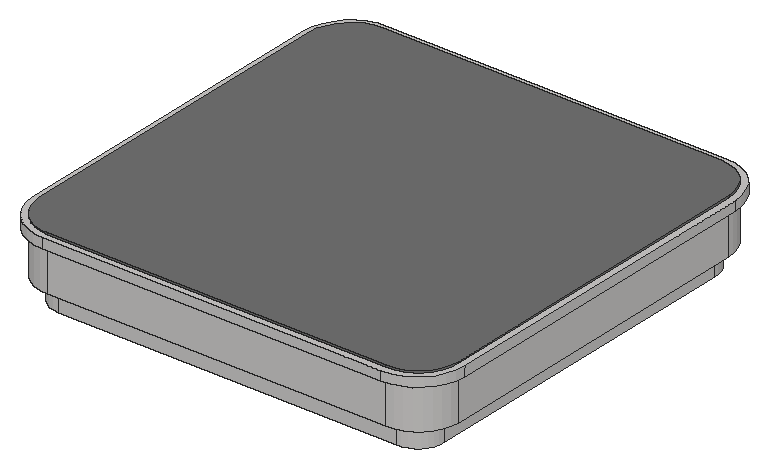
Revit family "QF_Vollrath_59502DW", category Specialty Equipment, Revit 2016
Family settings
  Part Type = Normal
  Round Connector Dimension = Use Diameter
  OmniClass Number = 23.40.40.00
  OmniClass Title = Food Service Equipment and Furnishings
  Work Plane-Based = Yes
  Always vertical = Yes
  Cut with Voids When Loaded = No
  Shared = No
  Room Calculation Point = No
Parameters (values of type "120/60/1")
  Width = 16.0625"
  Weight in Pounds = 0
  Watts = 300 W
  Watermarked By = "http://revitwatermark.com"
  Volts = 120 V
  URL Cutsheet = ""
  Status [instance] = ""
  Specification by User [instance] = ""
  Specification by Manufacturer [instance] = ""
  Serial Number [instance] = ""
  Revision Code [instance] = ""
  Phase = 1
  Number of Poles [instance] = 1
  NAFEM Spec ID Number [instance] = ""
  Model = "59502DW"  # constant formula
  Masterspec [instance] = ""
  Manufacturer = "Vollrath"
  Item Number [instance] = "-"
  Installed By [instance] = ""
  Furnished By [instance] = ""
  Foodservice Equipment Identifier = yes
  FL Amps = 2.6 A
  Electrical Remarks [instance] = ""
  Electric Connection Type [instance] = ""
  Elec Conn RI Height [instance] = 0.00"
  Elec Conn Connection Height = 2.00"
  Description = "Countertop Induction Range"
  Depth = 16.06"
  Default Elevation = 0.00"
  Cycle = 60 Hz
  Conn Plug = "NEMA 5-15P"
  CSI MasterFormat = ""
  Apparent Power = if(Phase = 3, Volts * FL Amps * 1.73, Volts * FL Amps)  # 312 VA
Types (3): name | Cycle
  (no name) | 60 Hz
  120/50/1 | 50 Hz
  120/60/1 | 60 Hz
Reference planes (in)
  plane 1 "BACK": y = 0
  plane 2: z = 0
  plane 3 "LEFT": x = 0
  plane 4 "RIGHT": x = 16.0625
  plane 5 "FRONT": y = -16.06
  plane 6 "Bottom 1": z = -1.62
  plane 7: z = 0
  plane 8 "Bottom of Induction": z = -2.46
  plane 9 "TOP": z = 0.35
  plane 10 "Back 1": y = -0.25
  plane 11 "Left 1": x = 0.25
  plane 12: x = 15.8125
  plane 13: y = -15.81
  plane 14: y = -0.75
  plane 15: x = 0.75
  plane 16: y = -15.31
  plane 17: x = 15.3125
  plane 18 "Top of Induction": z = 0.4125
Forms (in)
  Extrusion 1, solid, material "QF_Finishes_Stainless Steel"
    sketch origin (0, 0, 0.35) x (0, 1, 0) y (-1, 0, 0)
      loop
        arc (0, -1.75) -> (-0.51256, -0.51256) -> (-1.75, 0) r 1.75
        line (-1.75, 0) -> (-14.31, 0)
        arc (-14.31, 0) -> (-15.54744, -0.51256) -> (-16.06, -1.75) r 1.75
        line (-16.06, -1.75) -> (-16.06, -14.3125)
        arc (-16.06, -14.3125) -> (-15.54744, -15.54994) -> (-14.31, -16.0625) r 1.75
        line (-14.31, -16.0625) -> (-1.75, -16.0625)
        arc (-1.75, -16.0625) -> (-0.51256, -15.54994) -> (0, -14.3125) r 1.75
        line (0, -14.3125) -> (0, -1.75)
    from 0 to -0.35
  Extrusion 2, solid, material "QF_Finishes_Stainless Steel"
    sketch origin (0, 0, -1.62) x (0, 1, 0) y (-1, 0, 0)
      loop
        arc (-0.25, -1.75) -> (-0.68934, -0.68934) -> (-1.75, -0.25) r 1.5
        line (-1.75, -0.25) -> (-14.31, -0.25)
        arc (-14.31, -0.25) -> (-15.37066, -0.68934) -> (-15.81, -1.75) r 1.5
        line (-15.81, -1.75) -> (-15.81, -14.3125)
        arc (-15.81, -14.3125) -> (-15.37066, -15.37316) -> (-14.31, -15.8125) r 1.5
        line (-14.31, -15.8125) -> (-1.75, -15.8125)
        arc (-1.75, -15.8125) -> (-0.68934, -15.37316) -> (-0.25, -14.3125) r 1.5
        line (-0.25, -14.3125) -> (-0.25, -1.75)
    from 0 to 1.62
  Extrusion 3, solid, material "QF_Finishes_Stainless Steel"
    sketch origin (0, 0, -2.46) x (0, 1, 0) y (-1, 0, 0)
      loop
        arc (-0.75, -1.75) -> (-1.04289, -1.04289) -> (-1.75, -0.75) r 1
        line (-1.75, -0.75) -> (-14.31, -0.75)
        arc (-14.31, -0.75) -> (-15.01711, -1.04289) -> (-15.31, -1.75) r 1
        line (-15.31, -1.75) -> (-15.31, -14.3125)
        arc (-15.31, -14.3125) -> (-15.01711, -15.01961) -> (-14.31, -15.3125) r 1
        line (-14.31, -15.3125) -> (-1.75, -15.3125)
        arc (-1.75, -15.3125) -> (-1.04289, -15.01961) -> (-0.75, -14.3125) r 1
        line (-0.75, -14.3125) -> (-0.75, -1.75)
    from 0 to 0.84
  Extrusion 4, solid, material "QF_Finishes_Dark Grey"
    sketch origin (0, 0, 0.4125) x (0, 1, 0) y (-1, 0, 0)
      loop
        arc (-0.25, -1.75) -> (-0.68934, -0.68934) -> (-1.75, -0.25) r 1.5
        line (-1.75, -0.25) -> (-14.31, -0.25)
        arc (-14.31, -0.25) -> (-15.37066, -0.68934) -> (-15.81, -1.75) r 1.5
        line (-15.81, -1.75) -> (-15.81, -14.3125)
        arc (-15.81, -14.3125) -> (-15.37066, -15.37316) -> (-14.31, -15.8125) r 1.5
        line (-14.31, -15.8125) -> (-1.75, -15.8125)
        arc (-1.75, -15.8125) -> (-0.68934, -15.37316) -> (-0.25, -14.3125) r 1.5
        line (-0.25, -14.3125) -> (-0.25, -1.75)
    from 0 to -0.0625
Lines and regions (in)
  symbolic lines
    curve 1: arc (1.75, 0, 0.4125) -> (0.51256, -0.51256, 0.4125) -> (0, -1.75, 0.4125) r 1.75
    curve 2: line (14.3125, 0, 0.4125) -> (1.75, 0, 0.4125)
    curve 3: line (0, -1.75, 0.4125) -> (0, -14.31, 0.4125)
    curve 4: arc (0, -14.31, 0.4125) -> (0.51256, -15.54744, 0.4125) -> (1.75, -16.06, 0.4125) r 1.75
    curve 5: line (1.75, -16.06, 0.4125) -> (14.3125, -16.06, 0.4125)
    curve 6: arc (14.3125, -16.06, 0.4125) -> (15.54994, -15.54744, 0.4125) -> (16.0625, -14.31, 0.4125) r 1.75
    curve 7: line (16.0625, -14.31, 0.4125) -> (16.0625, -1.75, 0.4125)
    curve 8: arc (16.0625, -1.75, 0.4125) -> (15.54994, -0.51256, 0.4125) -> (14.3125, 0, 0.4125) r 1.75
Dimensions and locks (in)
  "Width": plane 3 "LEFT" to plane 4 "RIGHT"
  "Depth": plane 5 "FRONT" to plane 1 "BACK"
  locked: plane 7 to plane 6 "Bottom 1" at 1.62
  locked: plane 6 "Bottom 1" to plane 8 "Bottom of Induction" at 0.84
  locked: plane 9 "TOP" to plane 7 at 0.35
  locked: plane 3 "LEFT" to plane 11 "Left 1" at 0.25
  locked: plane 12 to plane 4 "RIGHT" at 0.25
  locked: plane 10 "Back 1" to plane 1 "BACK" at 0.25
  locked: plane 5 "FRONT" to plane 13 at 0.25
  locked: plane 11 "Left 1" to plane 15 at 0.5
  locked: plane 17 to plane 12 at 0.5
  locked: plane 14 to plane 10 "Back 1" at 0.5
  locked: plane 13 to plane 16 at 0.5
  locked: plane 18 "Top of Induction" to plane 9 "TOP" at 0.0625
  aligned and locked: level to plane 2
  aligned and locked: plane 1 "BACK" to Extrusion 1 sketch curve
  aligned and locked: plane 3 "LEFT" to Extrusion 1 sketch curve
  aligned and locked: Extrusion 1 sketch curve to plane 5 "FRONT"
  aligned and locked: Extrusion 1 sketch curve to plane 4 "RIGHT"
  aligned and locked: Extrusion 1 to plane 7
  aligned and locked: plane 7 to Extrusion 2
  aligned and locked: plane 6 "Bottom 1" to Extrusion 3
  aligned and locked: Extrusion 4 to plane 9 "TOP"
Automatic sketch dimensions
  Extrusion 1 sketch curve to plane 13 = 1.50"  (x2)
  plane 10 "Back 1" to Extrusion 1 sketch curve = 1.50"  (x2)
  plane 13 to Extrusion 2 sketch curve = 0.00"
  Extrusion 2 sketch curve to Extrusion 2 sketch curve = 1.50"
  Extrusion 2 sketch curve to plane 11 "Left 1" = 0.00"
  Extrusion 2 sketch curve to plane 12 = 0.00"
  Extrusion 2 sketch curve to plane 12 = 1.50"
  plane 10 "Back 1" to Extrusion 2 sketch curve = 0.00"
  plane 10 "Back 1" to Extrusion 2 sketch curve = 1.50"  (x2)
  plane 10 "Back 1" to Extrusion 3 sketch curve = 0.50"
  Extrusion 3 sketch curve to plane 15 = 0.00"
  Extrusion 3 sketch curve to plane 16 = 1.00"
  plane 16 to Extrusion 3 sketch curve = 0.00"
  Extrusion 3 sketch curve to plane 17 = 0.00"
  Extrusion 3 sketch curve to Extrusion 3 sketch curve = 1.00"
  plane 14 to Extrusion 3 sketch curve = 1.00"  (x2)
  Extrusion 4 sketch curve to plane 11 "Left 1" = 0.00"
  plane 10 "Back 1" to Extrusion 4 sketch curve = 0.00"
  plane 14 to Extrusion 4 sketch curve = 1.00"
  Extrusion 4 sketch curve to plane 17 = 1.00"
  Extrusion 4 sketch curve to plane 12 = 0.00"
  Extrusion 4 sketch curve to plane 16 = 1.00"
  plane 13 to Extrusion 4 sketch curve = 0.00"
  plane 15 to Extrusion 4 sketch curve = 1.00"
  curve 1 to plane 3 "LEFT" = 0.00"
  plane 1 "BACK" to curve 2 = 0.00"
  plane 14 to curve 1 = 1.00"
  curve 3 to plane 16 = 1.00"
  plane 5 "FRONT" to curve 4 = 0.00"
  curve 5 to plane 17 = 1.00"
  curve 6 to plane 4 "RIGHT" = 0.00"
  plane 14 to curve 7 = 1.00"
